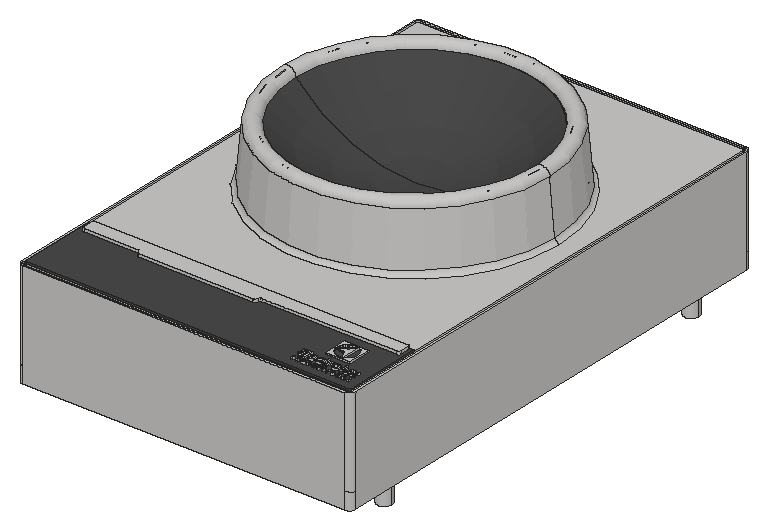
Revit family "QF_ELECTROLUXPROFESSIONAL_600885_E1HCDEOMCT", category Specialty Equipment, Revit 2018
Family settings
  Round Connector Dimension = Use Diameter
  Part Type = Normal
  Work Plane-Based = No
  Always vertical = Yes
  Cut with Voids When Loaded = No
  Shared = No
  Room Calculation Point = No
Parameters (values of type "Standard")
  Watts = 0 W
  Volts = 380 V
  URL = "http://professional.electrolux.com"
  Steam Supply Size = 0 mm
  Steam Supply Minimum Pressure = 0.0 Pa
  Steam Supply Maximum Pressure = 0.0 Pa
  Steam Pounds per Hour = 0
  Show Logo [instance] = yes
  Manufacturer = "Electrolux Professional"
  Phase = 3
  Model = "E1HCDEOMCT"
  Item Number = "600885"
  Hot Water Size = 0 mm
  HP = "6.7 HP"
  Gas Size = 0 mm
  Gas KW = 0
  Direct Waste Size = 0 mm
  Description = "PLUG-IN INDUCTION WOK - 3-PHASE"
  Cycle = 60 Hz
  Condensate Return Size = 0 mm
  Compressed Air Volume = 0.0 L/s
  Compressed Air Size = 0 mm
  Compressed Air Pressure = 0.0 Pa
  Cold Water Size = 0 mm
Values of the unnamed type that differ from the named types
  Volts = 0 V
  Item Number = ""
  Cycle = 0 Hz
Reference planes
  plane 1 "Centro (Fronte/Retro)": y = 74.737
  plane 2: z = 0
  plane 3: x = -514.269
  plane 4 "LEFT": x = -714.269
  plane 5 "RIGHT": x = -314.269
  plane 6 "BACK": y = 374.737
  plane 7 "FRONT": y = -225.263
  plane 8: x = -712.269
  plane 9: y = 372.737
  plane 10: x = -316.269
  plane 11: y = -223.263
  plane 12: y = -124.263
  plane 13: x = -698.269
  plane 14: x = -330.269
  plane 15: y = 304.737
  plane 16: y = -155.263
  plane 17: x = -539.269
  plane 18: y = -149.263
  plane 19: z = 978
  plane 20 "wok": y = 120.237
  plane 21: z = 764
Forms (mm)
  Extrusion 1, solid, material "QF_Finishes_Stainless Steel"
    sketch origin (0, 0, 789.018) x (1, 0, 0) y (0, 1, 0)
      loop
        arc (-707.269, 374.737) -> (-712.218, 372.687) -> (-714.269, 367.737) r 7
        line (-714.269, 367.737) -> (-714.269, -218.263)
        arc (-714.269, -218.263) -> (-712.218, -223.213) -> (-707.269, -225.263) r 7
        line (-707.269, -225.263) -> (-321.269, -225.263)
        arc (-321.269, -225.263) -> (-316.319, -223.213) -> (-314.269, -218.263) r 7
        line (-314.269, -218.263) -> (-314.269, 367.737)
        arc (-314.269, 367.737) -> (-316.319, 372.687) -> (-321.269, 374.737) r 7
        line (-321.269, 374.737) -> (-707.269, 374.737)
    from 0 to 20
  Extrusion 2, solid, material "QF_Finishes_Stainless Steel"
    sketch origin (0, 0, 789.018) x (1, 0, 0) y (0, 1, 0)
      loop
        line (-321.269, 374.737) -> (-707.269, 374.737)
        arc (-707.269, 374.737) -> (-712.218, 372.687) -> (-714.269, 367.737) r 7
        line (-714.269, 367.737) -> (-714.269, -218.263)
        arc (-714.269, -218.263) -> (-712.218, -223.213) -> (-707.269, -225.263) r 7
        line (-707.269, -225.263) -> (-321.269, -225.263)
        arc (-321.269, -225.263) -> (-316.319, -223.213) -> (-314.269, -218.263) r 7
        line (-314.269, -218.263) -> (-314.269, 367.737)
        arc (-314.269, 367.737) -> (-316.319, 372.687) -> (-321.269, 374.737) r 7
      loop
        arc (-707.269, 372.737) -> (-710.804, 371.273) -> (-712.269, 367.737) r 5
        line (-712.269, 367.737) -> (-712.269, -218.263)
        arc (-712.269, -218.263) -> (-710.804, -221.798) -> (-707.269, -223.263) r 5
        line (-707.269, -223.263) -> (-321.269, -223.263)
        arc (-321.269, -223.263) -> (-317.733, -221.798) -> (-316.269, -218.263) r 5
        line (-316.269, -218.263) -> (-316.269, 367.737)
        arc (-316.269, 367.737) -> (-317.733, 371.273) -> (-321.269, 372.737) r 5
        line (-321.269, 372.737) -> (-707.269, 372.737)
    from 20 to 126
  Extrusion 3, solid, material "QF_Finishes_Black"
    sketch origin (0, 0, 915.018) x (-1, 0, 0) y (0, -1, 0)
      loop
        line (709.269, 124.263) -> (709.269, 218.263)
        arc (709.269, 218.263) -> (708.683, 219.677) -> (707.269, 220.263) r 2
        line (707.269, 220.263) -> (321.269, 220.263)
        arc (321.269, 220.263) -> (319.854, 219.677) -> (319.269, 218.263) r 2
        line (319.269, 218.263) -> (319.269, 124.263) -> (709.269, 124.263)
    from 0 to 2
  Extrusion 4, solid, material "QF_Finishes_Stainless Steel"
    sketch origin (0, 0, 915.018) x (-1, 0, 0) y (0, -1, 0)
      loop
        arc (701.269, 124.263) -> (703.39, 125.142) -> (704.269, 127.263) r 3
        line (704.269, 127.263) -> (704.269, 137.763)
        arc (704.269, 137.763) -> (703.39, 139.884) -> (701.269, 140.763) r 3
        line (701.269, 140.763) -> (637.269, 140.763)
        arc (637.269, 140.763) -> (635.147, 141.642) -> (634.269, 143.763) r 3
        arc (634.269, 143.763) -> (633.39, 145.884) -> (631.269, 146.763) r 3
        line (631.269, 146.763) -> (494.269, 146.763)
        arc (494.269, 146.763) -> (492.147, 145.884) -> (491.269, 143.763) r 3
        arc (491.269, 143.763) -> (490.39, 141.642) -> (488.269, 140.763) r 3
        line (488.269, 140.763) -> (327.269, 140.763)
        arc (327.269, 140.763) -> (325.147, 139.884) -> (324.269, 137.763) r 3
        line (324.269, 137.763) -> (324.269, 127.263)
        arc (324.269, 127.263) -> (325.147, 125.142) -> (327.269, 124.263) r 3
        line (327.269, 124.263) -> (701.269, 124.263)
    from 2 to 5
  Extrusion 5, solid, material "QF_Finishes_Stainless Steel"
    sketch origin (0, 0, 141.018) x (-1, 0, 0) y (0, -1, 0)
      loop
        circle (698.269, -304.737) r 9
      loop
        circle (330.269, -304.737) r 9
      loop
        circle (698.269, 155.263) r 9
      loop
        circle (330.269, 155.263) r 9
    from 622.982 to 648
  Extrusion 6, solid, material "QF_Finishes_Stainless Steel"
    sketch origin (0, 0, 141.018) x (-1, 0, 0) y (0, -1, 0)
      loop
        circle (539.269, 149.263) r 10
    from 638.028 to 648
  Extrusion 7, solid, material "QF_Finishes_Stainless Steel"
    sketch origin (0, 96, 913.018) x (-1, 0, 0) y (0, -1, 0)
      loop
        arc (707.269, -273.737) -> (708.683, -273.151) -> (709.269, -271.737) r 2
        line (709.269, -271.737) -> (709.269, 220.263) -> (319.269, 220.263) -> (319.269, -271.737)
        arc (319.269, -271.737) -> (319.854, -273.151) -> (321.269, -273.737) r 2
        line (321.269, -273.737) -> (707.269, -273.737)
    from 0 to 2
  Revolve 8, solid, material "QF_Finishes_Stainless Steel"
    sketch origin (0, 120.237, 15.018) x (-1, 0, 0) y (0, 0, 1)
      loop
        arc (349.07, 900) -> (350.454, 902.553) -> (351.23, 905.352) r 12.856
        line (351.23, 905.352) -> (357.255, 968.615)
        arc (357.255, 968.615) -> (361.677, 972.996) -> (366.45, 969) r 4.622
        line (366.45, 969) -> (371.472, 969)
        arc (371.472, 969) -> (361.87, 978) -> (352.269, 969) r 9.622
        line (352.269, 969) -> (346.269, 906)
        arc (346.269, 906) -> (344.567, 902.335) -> (341.269, 900) r 7.856
        line (341.269, 900) -> (349.07, 900)
      axis (514.269, 900) -> (514.269, 969)
    angle from 0 to 360
  Revolve 9, solid, material "QF_Finishes_Black"
    sketch origin (0, 120.237, 15.018) x (-1, 0, 0) y (0, 0, 1)
      loop
        line (371.472, 969) -> (366.45, 969)
        arc (366.45, 969) -> (432.848, 918.929) -> (514.269, 902) r 190.056
        line (514.269, 902) -> (514.269, 906)
        arc (514.269, 906) -> (436.232, 922.453) -> (371.472, 969) r 193.372
      axis (514.269, 969) -> (514.269, 902)
    angle from 0 to 360
Cuts and joins
  joined: Extrusion 1, Extrusion 2
Lines and regions (mm)
  symbolic lines
    curve 1: line (-321.269, 374.737, 126) -> (-707.269, 374.737, 126)
    curve 2: arc (-707.269, 374.737, 126) -> (-712.218, 372.687, 126) -> (-714.269, 367.737, 126) r 7
    curve 3: line (-714.269, 367.737, 126) -> (-714.269, -218.263, 126)
    curve 4: arc (-714.269, -218.263, 126) -> (-712.218, -223.213, 126) -> (-707.269, -225.263, 126) r 7
    curve 5: line (-707.269, -225.263, 126) -> (-321.269, -225.263, 126)
    curve 6: arc (-321.269, -225.263, 126) -> (-316.319, -223.213, 126) -> (-314.269, -218.263, 126) r 7
    curve 7: line (-314.269, -218.263, 126) -> (-314.269, 367.737, 126)
    curve 8: arc (-314.269, 367.737, 126) -> (-316.319, 372.687, 126) -> (-321.269, 374.737, 126) r 7
    curve 9: line (-707.269, 372.737, 126) -> (-321.269, 372.737, 126)
    curve 10: arc (-321.269, 372.737, 126) -> (-317.733, 371.273, 126) -> (-316.269, 367.737, 126) r 5
    curve 11: line (-316.269, 367.737, 126) -> (-316.269, -218.263, 126)
    curve 12: arc (-316.269, -218.263, 126) -> (-317.733, -221.798, 126) -> (-321.269, -223.263, 126) r 5
    curve 13: line (-321.269, -223.263, 126) -> (-707.269, -223.263, 126)
    curve 14: arc (-707.269, -223.263, 126) -> (-710.804, -221.798, 126) -> (-712.269, -218.263, 126) r 5
    curve 15: line (-712.269, -218.263, 126) -> (-712.269, 367.737, 126)
    curve 16: arc (-712.269, 367.737, 126) -> (-710.804, 371.273, 126) -> (-707.269, 372.737, 126) r 5
    curve 17: line (-631.269, -146.763, 126) -> (-397.269, -146.763, 126)
    curve 18: arc (-397.269, -146.763, 126) -> (-395.147, -145.884, 126) -> (-394.269, -143.763, 126) r 3
    curve 19: arc (-394.269, -143.763, 126) -> (-393.39, -141.642, 126) -> (-391.269, -140.763, 126) r 3
    curve 20: line (-391.269, -140.763, 126) -> (-327.269, -140.763, 126)
    curve 21: arc (-327.269, -140.763, 126) -> (-325.147, -139.884, 126) -> (-324.269, -137.763, 126) r 3
    curve 22: line (-324.269, -137.763, 126) -> (-324.269, -127.263, 126)
    curve 23: arc (-324.269, -127.263, 126) -> (-325.147, -125.142, 126) -> (-327.269, -124.263, 126) r 3
    curve 24: line (-319.269, -124.263, 126) -> (-709.269, -124.263, 126)
    curve 25: arc (-701.269, -124.263, 126) -> (-703.39, -125.142, 126) -> (-704.269, -127.263, 126) r 3
    curve 26: line (-704.269, -127.263, 126) -> (-704.269, -137.763, 126)
    curve 27: arc (-704.269, -137.763, 126) -> (-703.39, -139.884, 126) -> (-701.269, -140.763, 126) r 3
    curve 28: line (-701.269, -140.763, 126) -> (-637.269, -140.763, 126)
    curve 29: arc (-637.269, -140.763, 126) -> (-635.147, -141.642, 126) -> (-634.269, -143.763, 126) r 3
    curve 30: arc (-634.269, -143.763, 126) -> (-633.39, -145.884, 126) -> (-631.269, -146.763, 126) r 3
    curve 31: line (-319.269, -218.263, 126) -> (-319.269, 367.737, 126)
    curve 32: arc (-319.269, 367.737, 126) -> (-319.854, 369.151, 126) -> (-321.269, 369.737, 126) r 2
    curve 33: line (-321.269, 369.737, 126) -> (-707.269, 369.737, 126)
    curve 34: arc (-707.269, 369.737, 126) -> (-708.683, 369.151, 126) -> (-709.269, 367.737, 126) r 2
    curve 35: line (-709.269, 367.737, 126) -> (-709.269, -218.263, 126)
    curve 36: arc (-709.269, -218.263, 126) -> (-708.683, -219.677, 126) -> (-707.269, -220.263, 126) r 2
    curve 37: line (-707.269, -220.263, 126) -> (-321.269, -220.263, 126)
    curve 38: arc (-321.269, -220.263, 126) -> (-319.854, -219.677, 126) -> (-319.269, -218.263, 126) r 2
    curve 39: line (-378.626, -153.452, 126) -> (-378.626, -182.168, 126)
    curve 40: line (-378.626, -182.168, 126) -> (-349.912, -182.168, 126)
    curve 41: line (-349.912, -182.168, 126) -> (-349.912, -153.452, 126)
    curve 42: line (-349.912, -153.452, 126) -> (-378.626, -153.452, 126)
    curve 43: line (-375.841, -162.424, 126) -> (-375.07, -161.023, 126)
    curve 44: line (-375.07, -161.023, 126) -> (-374.141, -159.732, 126)
    curve 45: line (-374.141, -159.732, 126) -> (-373.065, -158.564, 126)
    curve 46: line (-373.065, -158.564, 126) -> (-371.856, -157.535, 126)
    curve 47: line (-371.856, -157.535, 126) -> (-370.527, -156.661, 126)
    curve 48: line (-370.527, -156.661, 126) -> (-369.091, -155.954, 126)
    curve 49: line (-369.091, -155.954, 126) -> (-367.562, -155.431, 126)
    curve 50: line (-367.562, -155.431, 126) -> (-365.952, -155.107, 126)
    curve 51: arc (-365.952, -155.107, 126) -> (-363.752, -155.007, 126) -> (-361.567, -155.279, 126) r 13.008
    curve 52: arc (-361.567, -155.279, 126) -> (-361.815, -157.647, 126) -> (-362.651, -159.876, 126) r 9.395
    curve 53: line (-362.651, -159.876, 126) -> (-363.438, -161.245, 126)
    curve 54: line (-363.438, -161.245, 126) -> (-364.403, -162.507, 126)
    curve 55: line (-364.403, -162.507, 126) -> (-365.524, -163.648, 126)
    curve 56: line (-365.524, -163.648, 126) -> (-366.781, -164.654, 126)
    curve 57: line (-366.781, -164.654, 126) -> (-368.151, -165.509, 126)
    curve 58: line (-368.151, -165.509, 126) -> (-369.615, -166.2, 126)
    curve 59: line (-369.615, -166.2, 126) -> (-371.15, -166.712, 126)
    curve 60: line (-371.15, -166.712, 126) -> (-372.736, -167.029, 126)
    curve 61: line (-372.736, -167.029, 126) -> (-374.352, -167.138, 126)
    curve 62: line (-374.352, -167.138, 126) -> (-377.067, -167.138, 126)
    curve 63: line (-377.067, -167.138, 126) -> (-376.852, -165.495, 126)
    curve 64: line (-376.852, -165.495, 126) -> (-376.439, -163.92, 126)
    curve 65: line (-376.439, -163.92, 126) -> (-375.841, -162.424, 126)
    curve 66: line (-360.221, -179.969, 126) -> (-360.221, -155.646, 126)
    curve 67: line (-360.221, -155.646, 126) -> (-358.743, -156.237, 126)
    curve 68: line (-358.743, -156.237, 126) -> (-357.363, -157.003, 126)
    curve 69: line (-357.363, -157.003, 126) -> (-356.095, -157.931, 126)
    curve 70: line (-356.095, -157.931, 126) -> (-354.951, -159.007, 126)
    curve 71: line (-354.951, -159.007, 126) -> (-353.945, -160.217, 126)
    curve 72: line (-353.945, -160.217, 126) -> (-353.092, -161.548, 126)
    curve 73: line (-353.092, -161.548, 126) -> (-352.403, -162.986, 126)
    curve 74: line (-352.403, -162.986, 126) -> (-351.894, -164.517, 126)
    curve 75: line (-351.894, -164.517, 126) -> (-351.576, -166.128, 126)
    curve 76: line (-351.576, -166.128, 126) -> (-351.464, -167.804, 126)
    curve 77: line (-351.464, -167.804, 126) -> (-351.567, -169.456, 126)
    curve 78: line (-351.567, -169.456, 126) -> (-351.873, -171.047, 126)
    curve 79: line (-351.873, -171.047, 126) -> (-352.372, -172.563, 126)
    curve 80: line (-352.372, -172.563, 126) -> (-353.05, -173.992, 126)
    curve 81: line (-353.05, -173.992, 126) -> (-353.897, -175.319, 126)
    curve 82: line (-353.897, -175.319, 126) -> (-354.899, -176.532, 126)
    curve 83: line (-354.899, -176.532, 126) -> (-356.044, -177.617, 126)
    curve 84: line (-356.044, -177.617, 126) -> (-357.321, -178.56, 126)
    curve 85: line (-357.321, -178.56, 126) -> (-358.718, -179.349, 126)
    curve 86: line (-358.718, -179.349, 126) -> (-360.221, -179.969, 126)
    curve 87: line (-369.613, -169.43, 126) -> (-368.15, -170.12, 126)
    curve 88: line (-368.15, -170.12, 126) -> (-366.78, -170.975, 126)
    curve 89: line (-366.78, -170.975, 126) -> (-365.524, -171.98, 126)
    curve 90: line (-365.524, -171.98, 126) -> (-364.403, -173.12, 126)
    curve 91: line (-364.403, -173.12, 126) -> (-363.439, -174.381, 126)
    curve 92: line (-363.439, -174.381, 126) -> (-362.652, -175.748, 126)
    curve 93: arc (-362.652, -175.748, 126) -> (-361.85, -177.982, 126) -> (-361.568, -180.34, 126) r 10.532
    curve 94: arc (-361.568, -180.34, 126) -> (-362.906, -180.548, 126) -> (-364.258, -180.63, 126) r 14.39
    curve 95: line (-364.258, -180.63, 126) -> (-365.828, -180.532, 126)
    curve 96: line (-365.828, -180.532, 126) -> (-367.331, -180.252, 126)
    curve 97: line (-367.331, -180.252, 126) -> (-368.77, -179.801, 126)
    curve 98: line (-368.77, -179.801, 126) -> (-370.134, -179.191, 126)
    curve 99: line (-370.134, -179.191, 126) -> (-371.411, -178.434, 126)
    curve 100: line (-371.411, -178.434, 126) -> (-372.589, -177.541, 126)
    curve 101: line (-372.589, -177.541, 126) -> (-373.656, -176.525, 126)
    curve 102: line (-373.656, -176.525, 126) -> (-374.6, -175.397, 126)
    curve 103: line (-374.6, -175.397, 126) -> (-375.41, -174.168, 126)
    curve 104: line (-375.41, -174.168, 126) -> (-376.073, -172.852, 126)
    curve 105: line (-376.073, -172.852, 126) -> (-376.579, -171.46, 126)
    curve 106: line (-376.579, -171.46, 126) -> (-376.915, -170.003, 126)
    curve 107: line (-376.915, -170.003, 126) -> (-377.069, -168.493, 126)
    curve 108: line (-377.069, -168.493, 126) -> (-374.35, -168.493, 126)
    curve 109: line (-374.35, -168.493, 126) -> (-372.734, -168.602, 126)
    curve 110: line (-372.734, -168.602, 126) -> (-371.148, -168.919, 126)
    curve 111: line (-371.148, -168.919, 126) -> (-369.613, -169.43, 126)
    curve 112: arc (-399.495, -197.154, 126) -> (-398.466, -199.638, 126) -> (-395.982, -200.667, 126) r 3.513
    curve 113: line (-395.982, -200.667, 126) -> (-392.408, -200.667, 126)
    curve 114: line (-392.408, -200.667, 126) -> (-392.408, -198.85, 126)
    curve 115: line (-392.408, -198.85, 126) -> (-395.966, -198.85, 126)
    curve 116: arc (-395.966, -198.85, 126) -> (-397.094, -198.382, 126) -> (-397.562, -197.254, 126) r 1.596
    curve 117: line (-397.562, -197.254, 126) -> (-397.562, -195.74, 126)
    curve 118: line (-397.562, -195.74, 126) -> (-392.843, -195.74, 126)
    curve 119: line (-392.843, -195.74, 126) -> (-392.843, -193.917, 126)
    curve 120: line (-392.843, -193.917, 126) -> (-397.563, -193.917, 126)
    curve 121: line (-397.563, -193.917, 126) -> (-397.563, -191.264, 126)
    curve 122: line (-397.563, -191.264, 126) -> (-392.542, -191.264, 126)
    curve 123: line (-392.542, -191.264, 126) -> (-392.542, -189.445, 126)
    curve 124: line (-392.542, -189.445, 126) -> (-399.495, -189.445, 126)
    curve 125: line (-399.495, -189.445, 126) -> (-399.495, -193.353, 126)
    curve 126: line (-399.495, -193.353, 126) -> (-399.495, -197.154, 126)
    curve 127: line (-389.101, -189.455, 126) -> (-391.035, -189.455, 126)
    curve 128: line (-391.035, -189.455, 126) -> (-391.035, -194.76, 126)
    curve 129: line (-391.035, -194.76, 126) -> (-391.035, -200.681, 126)
    curve 130: line (-391.035, -200.681, 126) -> (-389.101, -200.681, 126)
    curve 131: line (-389.101, -200.681, 126) -> (-389.101, -194.721, 126)
    curve 132: line (-389.101, -194.721, 126) -> (-389.101, -189.455, 126)
    curve 133: arc (-380.394, -193.787, 126) -> (-383.654, -192.313, 126) -> (-386.913, -193.787, 126) r 4.34
    curve 134: arc (-386.913, -193.787, 126) -> (-387.819, -196.606, 126) -> (-386.913, -199.425, 126) r 4.838
    curve 135: arc (-386.913, -199.425, 126) -> (-383.498, -200.88, 126) -> (-380.082, -199.425, 126) r 4.737
    curve 136: line (-380.082, -199.425, 126) -> (-381.246, -198.293, 126)
    curve 137: arc (-381.246, -198.293, 126) -> (-383.382, -199.237, 126) -> (-385.517, -198.293, 126) r 2.888
    curve 138: arc (-385.517, -198.293, 126) -> (-385.841, -197.736, 126) -> (-385.905, -197.095, 126) r 1.527
    curve 139: line (-385.905, -197.095, 126) -> (-379.564, -197.095, 126)
    curve 140: arc (-379.564, -197.095, 126) -> (-379.672, -195.364, 126) -> (-380.394, -193.787, 126) r 4.757
    curve 141: line (-381.505, -195.736, 126) -> (-385.858, -195.736, 126)
    curve 142: arc (-385.858, -195.736, 126) -> (-385.043, -194.411, 126) -> (-383.56, -193.941, 126) r 2.23
    curve 143: arc (-383.56, -193.941, 126) -> (-382.221, -194.482, 126) -> (-381.505, -195.736, 126) r 2.201
    curve 144: arc (-372.029, -198.26, 126) -> (-376.639, -196.593, 126) -> (-372.029, -194.927, 126) r 2.606
    curve 145: line (-372.029, -194.927, 126) -> (-370.832, -193.681, 126)
    curve 146: arc (-370.832, -193.681, 126) -> (-378.564, -196.594, 126) -> (-370.832, -199.507, 126) r 4.415
    curve 147: line (-370.832, -199.507, 126) -> (-372.029, -198.26, 126)
    curve 148: line (-369.629, -193.481, 126) -> (-369.629, -197.299, 126)
    curve 149: arc (-369.629, -197.299, 126) -> (-368.592, -199.893, 126) -> (-365.911, -200.681, 126) r 3.196
    curve 150: line (-365.911, -200.681, 126) -> (-365.904, -198.864, 126)
    curve 151: arc (-365.904, -198.864, 126) -> (-367.239, -198.457, 126) -> (-367.699, -197.14, 126) r 1.542
    curve 152: line (-367.699, -197.14, 126) -> (-367.699, -194.319, 126)
    curve 153: line (-367.699, -194.319, 126) -> (-365.94, -194.319, 126)
    curve 154: line (-365.94, -194.319, 126) -> (-365.94, -192.562, 126)
    curve 155: line (-365.94, -192.562, 126) -> (-367.696, -192.562, 126)
    curve 156: line (-367.696, -192.562, 126) -> (-367.696, -189.455, 126)
    curve 157: line (-367.696, -189.455, 126) -> (-369.629, -189.455, 126)
    curve 158: line (-369.629, -189.455, 126) -> (-369.629, -193.481, 126)
    curve 159: arc (-359.402, -192.451, 126) -> (-361.13, -192.587, 126) -> (-362.397, -193.771, 126) r 2.627
    curve 160: line (-362.397, -193.771, 126) -> (-362.397, -192.563, 126)
    curve 161: line (-362.397, -192.563, 126) -> (-364.315, -192.563, 126)
    curve 162: line (-364.315, -192.563, 126) -> (-364.315, -196.541, 126)
    curve 163: line (-364.315, -196.541, 126) -> (-364.315, -200.681, 126)
    curve 164: line (-364.315, -200.681, 126) -> (-362.397, -200.681, 126)
    curve 165: line (-362.397, -200.681, 126) -> (-362.397, -196.412, 126)
    curve 166: arc (-362.397, -196.412, 126) -> (-361.445, -194.585, 126) -> (-359.402, -194.319, 126) r 2.229
    curve 167: line (-359.402, -194.319, 126) -> (-359.402, -192.451, 126)
    curve 168: arc (-350.248, -196.625, 126) -> (-354.668, -192.205, 126) -> (-359.088, -196.625, 126) r 4.42
    curve 169: arc (-359.088, -196.625, 126) -> (-354.668, -201.046, 126) -> (-350.248, -196.625, 126) r 4.42
    curve 170: arc (-357.176, -196.625, 126) -> (-354.668, -194.117, 126) -> (-352.16, -196.625, 126) r 2.508
    curve 171: arc (-352.16, -196.625, 126) -> (-354.668, -199.134, 126) -> (-357.176, -196.625, 126) r 2.508
    curve 172: line (-347.124, -189.454, 126) -> (-349.058, -189.454, 126)
    curve 173: line (-349.058, -189.454, 126) -> (-349.058, -194.566, 126)
    curve 174: line (-349.058, -194.566, 126) -> (-349.058, -200.682, 126)
    curve 175: line (-349.058, -200.682, 126) -> (-347.124, -200.682, 126)
    curve 176: line (-347.124, -200.682, 126) -> (-347.124, -194.643, 126)
    curve 177: line (-347.124, -194.643, 126) -> (-347.124, -189.454, 126)
    curve 178: line (-343.697, -192.562, 126) -> (-345.646, -192.562, 126)
    curve 179: line (-345.646, -192.562, 126) -> (-345.646, -194.915, 126)
    curve 180: line (-345.646, -194.915, 126) -> (-345.646, -197.715, 126)
    curve 181: arc (-345.646, -197.715, 126) -> (-341.931, -201.044, 126) -> (-338.204, -197.728, 126) r 3.745
    curve 182: line (-338.204, -197.728, 126) -> (-338.204, -194.915, 126)
    curve 183: line (-338.204, -194.915, 126) -> (-338.204, -192.562, 126)
    curve 184: line (-338.204, -192.562, 126) -> (-340.152, -192.562, 126)
    curve 185: line (-340.152, -192.562, 126) -> (-340.152, -197.299, 126)
    curve 186: arc (-340.152, -197.299, 126) -> (-341.925, -199.071, 126) -> (-343.697, -197.299, 126) r 1.772
    curve 187: line (-343.697, -197.299, 126) -> (-343.697, -192.562, 126)
    curve 188: line (-334.237, -196.397, 126) -> (-335.916, -198.735, 126)
    curve 189: line (-335.916, -198.735, 126) -> (-337.313, -200.682, 126)
    curve 190: line (-337.313, -200.682, 126) -> (-335.235, -200.682, 126)
    curve 191: line (-335.235, -200.682, 126) -> (-333.174, -197.813, 126)
    curve 192: line (-333.174, -197.813, 126) -> (-331.112, -200.682, 126)
    curve 193: line (-331.112, -200.682, 126) -> (-329.034, -200.682, 126)
    curve 194: line (-329.034, -200.682, 126) -> (-330.891, -198.085, 126)
    curve 195: line (-330.891, -198.085, 126) -> (-332.11, -196.38, 126)
    curve 196: line (-332.11, -196.38, 126) -> (-330.601, -194.325, 126)
    curve 197: line (-330.601, -194.325, 126) -> (-329.308, -192.563, 126)
    curve 198: line (-329.308, -192.563, 126) -> (-331.418, -192.563, 126)
    curve 199: line (-331.418, -192.563, 126) -> (-333.174, -194.995, 126)
    curve 200: line (-333.174, -194.995, 126) -> (-334.946, -192.563, 126)
    curve 201: line (-334.946, -192.563, 126) -> (-337.039, -192.563, 126)
    curve 202: line (-337.039, -192.563, 126) -> (-335.839, -194.205, 126)
    curve 203: line (-335.839, -194.205, 126) -> (-334.237, -196.397, 126)
    curve 204: line (-399.467, -205.699, 126) -> (-399.467, -209.59, 126)
    curve 205: line (-399.467, -209.59, 126) -> (-398.667, -209.59, 126)
    curve 206: line (-398.667, -209.59, 126) -> (-398.667, -208.271, 126)
    curve 207: line (-398.667, -208.271, 126) -> (-397.697, -208.271, 126)
    curve 208: arc (-397.697, -208.271, 126) -> (-396.674, -206.863, 126) -> (-397.967, -205.699, 126) r 1.3
    curve 209: line (-397.967, -205.699, 126) -> (-399.467, -205.699, 126)
    curve 210: line (-398.667, -207.52, 126) -> (-398.667, -206.434, 126)
    curve 211: line (-398.667, -206.434, 126) -> (-397.861, -206.434, 126)
    curve 212: arc (-397.861, -206.434, 126) -> (-397.461, -206.977, 126) -> (-397.861, -207.52, 126) r 0.569
    curve 213: line (-397.861, -207.52, 126) -> (-398.667, -207.52, 126)
    curve 214: line (-393.389, -205.699, 126) -> (-393.389, -209.59, 126)
    curve 215: line (-393.389, -209.59, 126) -> (-392.589, -209.59, 126)
    curve 216: line (-392.589, -209.59, 126) -> (-392.589, -208.249, 126)
    curve 217: line (-392.589, -208.249, 126) -> (-391.763, -208.249, 126)
    curve 218: line (-391.763, -208.249, 126) -> (-390.957, -209.59, 126)
    curve 219: line (-390.957, -209.59, 126) -> (-390.05, -209.59, 126)
    curve 220: line (-390.05, -209.59, 126) -> (-391.058, -207.929, 126)
    curve 221: arc (-391.058, -207.929, 126) -> (-390.677, -206.531, 126) -> (-391.863, -205.699, 126) r 1.26
    curve 222: line (-391.863, -205.699, 126) -> (-393.389, -205.699, 126)
    curve 223: line (-392.589, -207.52, 126) -> (-392.589, -206.434, 126)
    curve 224: line (-392.589, -206.434, 126) -> (-391.782, -206.434, 126)
    curve 225: arc (-391.782, -206.434, 126) -> (-391.383, -206.977, 126) -> (-391.782, -207.52, 126) r 0.569
    curve 226: line (-391.782, -207.52, 126) -> (-392.589, -207.52, 126)
    curve 227: arc (-386.695, -207.668, 126) -> (-385.407, -206.38, 126) -> (-384.119, -207.668, 126) r 1.288
    curve 228: arc (-384.119, -207.668, 126) -> (-385.407, -208.956, 126) -> (-386.695, -207.668, 126) r 1.288
    curve 229: arc (-383.342, -207.668, 126) -> (-385.407, -205.603, 126) -> (-387.472, -207.668, 126) r 2.065
    curve 230: arc (-387.472, -207.668, 126) -> (-385.407, -209.733, 126) -> (-383.342, -207.668, 126) r 2.065
    curve 231: line (-379.969, -205.699, 126) -> (-379.969, -209.59, 126)
    curve 232: line (-379.969, -209.59, 126) -> (-379.169, -209.59, 126)
    curve 233: line (-379.169, -209.59, 126) -> (-379.169, -208.099, 126)
    curve 234: line (-379.169, -208.099, 126) -> (-377.704, -208.099, 126)
    curve 235: line (-377.704, -208.099, 126) -> (-377.704, -207.299, 126)
    curve 236: line (-377.704, -207.299, 126) -> (-379.169, -207.299, 126)
    curve 237: line (-379.169, -207.299, 126) -> (-379.169, -206.499, 126)
    curve 238: line (-379.169, -206.499, 126) -> (-377.564, -206.499, 126)
    curve 239: line (-377.564, -206.499, 126) -> (-377.564, -205.699, 126)
    curve 240: line (-377.564, -205.699, 126) -> (-379.969, -205.699, 126)
    curve 241: line (-374.264, -205.699, 126) -> (-374.264, -208.344, 126)
    curve 242: arc (-374.264, -208.344, 126) -> (-373.899, -209.225, 126) -> (-373.017, -209.59, 126) r 1.246
    curve 243: line (-373.017, -209.59, 126) -> (-371.761, -209.59, 126)
    curve 244: line (-371.761, -209.59, 126) -> (-371.761, -208.79, 126)
    curve 245: line (-371.761, -208.79, 126) -> (-372.922, -208.79, 126)
    curve 246: arc (-372.922, -208.79, 126) -> (-373.361, -208.576, 126) -> (-373.464, -208.099, 126) r 0.558
    curve 247: line (-373.464, -208.099, 126) -> (-371.907, -208.099, 126)
    curve 248: line (-371.907, -208.099, 126) -> (-371.907, -207.299, 126)
    curve 249: line (-371.907, -207.299, 126) -> (-373.464, -207.299, 126)
    curve 250: line (-373.464, -207.299, 126) -> (-373.464, -206.499, 126)
    curve 251: line (-373.464, -206.499, 126) -> (-371.799, -206.499, 126)
    curve 252: line (-371.799, -206.499, 126) -> (-371.799, -205.699, 126)
    curve 253: line (-371.799, -205.699, 126) -> (-374.264, -205.699, 126)
    curve 254: arc (-368.711, -208.718, 126) -> (-367.818, -209.538, 126) -> (-366.606, -209.568, 126) r 1.725
    curve 255: arc (-366.606, -209.568, 126) -> (-365.785, -208.793, 126) -> (-366.071, -207.702, 126) r 1.107
    curve 256: arc (-366.071, -207.702, 126) -> (-366.648, -207.348, 126) -> (-367.264, -207.067, 126) r 5.523
    curve 257: arc (-367.264, -207.067, 126) -> (-367.604, -206.55, 126) -> (-367.043, -206.293, 126) r 0.407
    curve 258: arc (-367.043, -206.293, 126) -> (-366.706, -206.498, 126) -> (-366.425, -206.775, 126) r 1.702
    curve 259: line (-366.425, -206.775, 126) -> (-365.74, -206.363, 126)
    curve 260: arc (-365.74, -206.363, 126) -> (-366.172, -205.902, 126) -> (-366.708, -205.566, 126) r 2.463
    curve 261: arc (-366.708, -205.566, 126) -> (-368.378, -206.347, 126) -> (-367.331, -207.864, 126) r 1.207
    curve 262: line (-367.331, -207.864, 126) -> (-366.868, -208.812, 126)
    curve 263: arc (-366.868, -208.812, 126) -> (-367.513, -208.798, 126) -> (-367.991, -208.367, 126) r 0.925
    curve 264: line (-367.991, -208.367, 126) -> (-368.711, -208.718, 126)
    curve 265: arc (-362.851, -208.718, 126) -> (-361.958, -209.538, 126) -> (-360.746, -209.568, 126) r 1.725
    curve 266: arc (-360.746, -209.568, 126) -> (-359.926, -208.793, 126) -> (-360.211, -207.702, 126) r 1.107
    curve 267: arc (-360.211, -207.702, 126) -> (-360.788, -207.348, 126) -> (-361.405, -207.067, 126) r 5.523
    curve 268: arc (-361.405, -207.067, 126) -> (-361.745, -206.55, 126) -> (-361.183, -206.293, 126) r 0.407
    curve 269: arc (-361.183, -206.293, 126) -> (-360.846, -206.498, 126) -> (-360.566, -206.775, 126) r 1.702
    curve 270: line (-360.566, -206.775, 126) -> (-359.88, -206.363, 126)
    curve 271: arc (-359.88, -206.363, 126) -> (-360.313, -205.902, 126) -> (-360.848, -205.566, 126) r 2.463
    curve 272: arc (-360.848, -205.566, 126) -> (-362.518, -206.347, 126) -> (-361.471, -207.864, 126) r 1.207
    curve 273: line (-361.471, -207.864, 126) -> (-361.009, -208.812, 126)
    curve 274: arc (-361.009, -208.812, 126) -> (-361.653, -208.798, 126) -> (-362.132, -208.367, 126) r 0.925
    curve 275: line (-362.132, -208.367, 126) -> (-362.851, -208.718, 126)
    curve 276: line (-356.591, -209.59, 126) -> (-355.791, -209.59, 126)
    curve 277: line (-355.791, -209.59, 126) -> (-355.791, -205.699, 126)
    curve 278: line (-355.791, -205.699, 126) -> (-356.591, -205.699, 126)
    curve 279: line (-356.591, -205.699, 126) -> (-356.591, -209.59, 126)
    curve 280: arc (-352.472, -207.668, 126) -> (-350.407, -209.733, 126) -> (-348.342, -207.668, 126) r 2.065
    curve 281: arc (-348.342, -207.668, 126) -> (-350.407, -205.603, 126) -> (-352.472, -207.668, 126) r 2.065
    curve 282: arc (-351.695, -207.668, 126) -> (-350.407, -206.38, 126) -> (-349.119, -207.668, 126) r 1.288
    curve 283: arc (-349.119, -207.668, 126) -> (-350.407, -208.956, 126) -> (-351.695, -207.668, 126) r 1.288
    curve 284: line (-345.051, -205.699, 126) -> (-345.051, -209.59, 126)
    curve 285: line (-345.051, -209.59, 126) -> (-344.221, -209.59, 126)
    curve 286: line (-344.221, -209.59, 126) -> (-344.221, -207.143, 126)
    curve 287: line (-344.221, -207.143, 126) -> (-342.441, -209.59, 126)
    curve 288: line (-342.441, -209.59, 126) -> (-341.641, -209.59, 126)
    curve 289: line (-341.641, -209.59, 126) -> (-341.641, -205.699, 126)
    curve 290: line (-341.641, -205.699, 126) -> (-342.471, -205.699, 126)
    curve 291: line (-342.471, -205.699, 126) -> (-342.471, -208.219, 126)
    curve 292: line (-342.471, -208.219, 126) -> (-344.251, -205.699, 126)
    curve 293: line (-344.251, -205.699, 126) -> (-345.051, -205.699, 126)
    curve 294: line (-336.895, -205.7, 126) -> (-338.488, -209.59, 126)
    curve 295: line (-338.488, -209.59, 126) -> (-337.629, -209.59, 126)
    curve 296: line (-337.629, -209.59, 126) -> (-337.25, -208.75, 126)
    curve 297: line (-337.25, -208.75, 126) -> (-335.811, -208.75, 126)
    curve 298: line (-335.811, -208.75, 126) -> (-335.432, -209.59, 126)
    curve 299: line (-335.432, -209.59, 126) -> (-334.574, -209.59, 126)
    curve 300: line (-334.574, -209.59, 126) -> (-336.095, -205.7, 126)
    curve 301: line (-336.095, -205.7, 126) -> (-336.895, -205.7, 126)
    curve 302: line (-336.947, -207.983, 126) -> (-336.529, -206.965, 126)
    curve 303: line (-336.529, -206.965, 126) -> (-336.131, -207.983, 126)
    curve 304: line (-336.131, -207.983, 126) -> (-336.947, -207.983, 126)
    curve 305: line (-331.398, -205.699, 126) -> (-331.398, -209.59, 126)
    curve 306: line (-331.398, -209.59, 126) -> (-329.102, -209.59, 126)
    curve 307: line (-329.102, -209.59, 126) -> (-329.102, -208.79, 126)
    curve 308: line (-329.102, -208.79, 126) -> (-330.599, -208.79, 126)
    curve 309: line (-330.599, -208.79, 126) -> (-330.599, -205.699, 126)
    curve 310: line (-330.599, -205.699, 126) -> (-331.398, -205.699, 126)
    curve 311: arc (-687.269, 120.237, 126) -> (-514.269, 293.237, 126) -> (-341.269, 120.237, 126) r 173
    curve 312: arc (-341.269, 120.237, 126) -> (-514.269, -52.763, 126) -> (-687.269, 120.237, 126) r 173
    curve 313: arc (-682.269, 120.237, 126) -> (-514.269, -47.763, 126) -> (-346.269, 120.237, 126) r 168
    curve 314: arc (-346.269, 120.237, 126) -> (-514.269, 288.237, 126) -> (-682.269, 120.237, 126) r 168
    curve 315: arc (-676.269, 120.237, 126) -> (-514.269, -41.763, 126) -> (-352.269, 120.237, 126) r 162
    curve 316: arc (-371.472, 120.237, 126) -> (-514.269, 263.034, 126) -> (-657.065, 120.237, 126) r 142.797
    curve 317: arc (-657.065, 120.237, 126) -> (-514.269, -22.56, 126) -> (-371.472, 120.237, 126) r 142.797
    curve 318: arc (-352.269, 120.237, 126) -> (-514.269, 282.237, 126) -> (-676.269, 120.237, 126) r 162
Dimensions and locks
  equal spacing: plane 4 "LEFT", plane 3, plane 5 "RIGHT"
  plane 4 "LEFT" to plane 5 "RIGHT" = 400 mm
  equal spacing: plane 6 "BACK", plane 1 "Centro (Fronte/Retro)", plane 7 "FRONT"
  plane 6 "BACK" to plane 7 "FRONT" = 600 mm
  locked: plane 4 "LEFT" to plane 13 at 16
  locked: plane 14 to plane 5 "RIGHT" at 16
  locked: plane 6 "BACK" to plane 15 at 70
  locked: plane 16 to plane 7 "FRONT" at 70
  locked: plane 17 to plane 5 "RIGHT" at 225
  locked: plane 18 to plane 7 "FRONT" at 76
  Extrusion 4 to Extrusion 5 = 156.018 mm
  plane 19 to Extrusion 5 = 214 mm
  plane 21 to level = 764 mm
  aligned and locked: level to plane 2
  aligned and locked: Extrusion 5 to cut or joined group of Extrusion 1, Extrusion 2
Automatic sketch dimensions
  Extrusion 1 sketch curve to plane 4 "LEFT" = 0 mm
  Extrusion 1 sketch curve to plane 7 "FRONT" = 0 mm
  Extrusion 1 sketch curve to plane 6 "BACK" = 0 mm
  Extrusion 1 sketch curve to plane 5 "RIGHT" = 0 mm
  plane 8 to Extrusion 1 sketch curve = 5 mm  (x2)
  Extrusion 1 sketch curve to plane 10 = 5 mm  (x2)
  Extrusion 2 sketch curve to Extrusion 2 sketch curve = 0 mm  (x8)
  Extrusion 2 sketch curve to plane 4 "LEFT" = 0 mm
  Extrusion 2 sketch curve to plane 8 = 0 mm
  Extrusion 2 sketch curve to plane 6 "BACK" = 0 mm
  Extrusion 2 sketch curve to plane 7 "FRONT" = 0 mm
  Extrusion 2 sketch curve to plane 10 = 0 mm
  Extrusion 2 sketch curve to Extrusion 2 sketch curve = 5 mm  (x2)
  Extrusion 2 sketch curve to plane 10 = 5 mm  (x2)
  Extrusion 3 sketch curve to plane 12 = 0 mm
  Extrusion 3 sketch curve to plane 10 = 3 mm
  Extrusion 3 sketch curve to Extrusion 3 sketch curve = 2 mm  (x2)
  plane 8 to Extrusion 3 sketch curve = 5 mm
  plane 11 to Extrusion 3 sketch curve = 5 mm
  Extrusion 4 sketch curve to plane 12 = 0 mm
  plane 14 to Extrusion 4 sketch curve = 6 mm
  plane 14 to Extrusion 4 sketch curve = 3 mm
  Extrusion 4 sketch curve to Extrusion 4 sketch curve = 3 mm  (x2)
  plane 16 to Extrusion 4 sketch curve = 11.5 mm
  plane 17 to Extrusion 4 sketch curve = 51 mm
  Extrusion 4 sketch curve to Extrusion 4 sketch curve = 6 mm  (x2)
  plane 16 to Extrusion 4 sketch curve = 8.5 mm
  plane 13 to Extrusion 4 sketch curve = 67 mm
  Extrusion 4 sketch curve to plane 13 = 3 mm  (x2)
  Extrusion 4 sketch curve to plane 12 = 3 mm
  Extrusion 4 sketch curve to Extrusion 4 sketch curve = 10.5 mm  (x2)
  Extrusion 5 sketch curve to plane 14 = 0 mm  (x2)
  Extrusion 5 sketch curve to plane 13 = 0 mm  (x2)
  Extrusion 5 sketch curve to plane 15 = 0 mm  (x2)
  Extrusion 5 sketch curve to plane 16 = 0 mm  (x2)
  Extrusion 6 sketch curve to plane 17 = 0 mm
  Extrusion 6 sketch curve to plane 18 = 0 mm
  curve 2 to curve 16 = 0 mm
  curve 2 to curve 34 = 0 mm
  curve 4 to curve 14 = 0 mm
  curve 4 to curve 36 = 0 mm  (x2)
  curve 6 to curve 12 = 0 mm  (x2)
  curve 6 to curve 38 = 0 mm
  curve 8 to curve 10 = 0 mm  (x2)
  curve 8 to curve 32 = 0 mm
  curve 10 to curve 32 = 0 mm
  curve 12 to curve 38 = 0 mm
  curve 14 to curve 36 = 0 mm
  curve 168 to curve 170 = 0 mm  (x2)
  curve 181 to curve 186 = 0 mm  (x2)
  curve 227 to curve 229 = 0 mm
  curve 228 to curve 230 = 0 mm
  curve 254 to curve 263 = 0 mm  (x2)
  curve 257 to curve 261 = 0 mm  (x2)
  curve 265 to curve 274 = 0 mm  (x2)
  curve 268 to curve 272 = 0 mm  (x2)
  curve 280 to curve 282 = 0 mm
  curve 281 to curve 283 = 0 mm
  curve 7 to plane 5 "RIGHT" = 0 mm
  curve 10 to plane 10 = 0 mm
  curve 24 to plane 12 = 0 mm
  curve 6 to plane 7 "FRONT" = 0 mm
  curve 8 to plane 6 "BACK" = 0 mm
  curve 15 to plane 8 = 0 mm
  curve 38 to curve 37 = 2 mm
  curve 32 to curve 33 = 2 mm
  plane 14 to curve 22 = 6 mm
  curve 21 to curve 21 = 3 mm
  curve 23 to curve 23 = 3 mm
  plane 14 to curve 193 = 1.234 mm
  plane 14 to curve 307 = 1.166 mm
  plane 14 to curve 198 = 0.961 mm
  curve 310 to plane 14 = 0.33 mm
  curve 196 to plane 14 = 0.332 mm
  curve 194 to plane 14 = 0.622 mm
  curve 192 to plane 14 = 0.844 mm
  curve 305 to plane 14 = 1.13 mm
  curve 198 to plane 14 = 1.149 mm
  curve 196 to plane 14 = 1.842 mm
  curve 195 to curve 199 = 1.064 mm
  curve 195 to curve 192 = 1.064 mm
  curve 199 to curve 188 = 1.063 mm
  curve 305 to curve 299 = 3.175 mm
  curve 199 to curve 200 = 1.772 mm
  curve 191 to curve 190 = 2.061 mm
  curve 299 to curve 298 = 0.859 mm
  curve 298 to curve 297 = 0.379 mm
  curve 200 to curve 202 = 0.893 mm
  curve 190 to curve 188 = 0.68 mm
  curve 297 to curve 301 = 0.284 mm
  curve 297 to curve 303 = 0.32 mm
  curve 303 to curve 302 = 0.398 mm
  curve 300 to curve 301 = 0.8 mm
  curve 303 to curve 302 = 0.815 mm
  curve 202 to curve 202 = 1.2 mm
  curve 302 to curve 296 = 0.304 mm
  curve 190 to curve 190 = 2.078 mm
  curve 296 to curve 295 = 0.379 mm
  curve 201 to curve 184 = 1.165 mm
  curve 295 to curve 295 = 0.859 mm
  curve 183 to curve 185 = 1.948 mm
  curve 294 to curve 289 = 3.153 mm
  curve 186 to curve 181 = 1.772 mm
  curve 288 to curve 287 = 0.8 mm
  curve 287 to curve 292 = 0.03 mm
  curve 291 to curve 286 = 1.749 mm
  curve 286 to curve 293 = 0.031 mm
  curve 285 to curve 284 = 0.831 mm
  curve 178 to curve 179 = 1.95 mm
  curve 180 to curve 176 = 1.478 mm
  curve 176 to curve 173 = 1.934 mm
  curve 172 to curve 41 = 0.854 mm
  curve 284 to curve 280 = 5.356 mm
  curve 41 to curve 76 = 1.553 mm
  curve 76 to curve 77 = 0.102 mm
  curve 76 to curve 75 = 0.112 mm
  curve 77 to curve 78 = 0.306 mm
  curve 74 to plane 16 = 9.254 mm
  curve 75 to curve 74 = 0.317 mm
  curve 78 to curve 80 = 0.499 mm
  curve 73 to plane 16 = 7.723 mm
  curve 74 to curve 73 = 0.51 mm
  curve 79 to curve 81 = 0.679 mm
  curve 73 to plane 16 = 6.285 mm
  curve 73 to curve 73 = 0.688 mm
  curve 80 to curve 81 = 0.846 mm
  curve 72 to plane 16 = 4.954 mm
  curve 72 to curve 72 = 0.854 mm
  curve 173 to curve 170 = 5.61 mm
  curve 81 to curve 83 = 1.002 mm
  curve 70 to plane 16 = 3.744 mm
  curve 71 to curve 70 = 1.005 mm
  curve 280 to curve 277 = 5.384 mm
  curve 82 to curve 84 = 1.146 mm
  curve 70 to plane 16 = 2.668 mm
  curve 70 to curve 70 = 1.144 mm
  curve 277 to curve 279 = 0.8 mm
  curve 83 to curve 84 = 1.277 mm
  curve 69 to plane 16 = 1.74 mm
  curve 69 to curve 69 = 1.269 mm
  curve 84 to curve 85 = 1.396 mm
  curve 68 to plane 16 = 0.974 mm
  curve 68 to curve 68 = 1.38 mm
  curve 168 to curve 167 = 4.734 mm
  curve 278 to curve 270 = 3.289 mm
  curve 166 to curve 159 = 0.669 mm
  curve 159 to curve 166 = 0.097 mm
  curve 67 to plane 16 = 0.383 mm
  curve 67 to curve 67 = 1.478 mm
  curve 271 to curve 270 = 0.686 mm
  curve 269 to curve 266 = 0.424 mm
  curve 266 to curve 273 = 0.019 mm
  curve 266 to curve 274 = 0.322 mm
  curve 269 to curve 268 = 0.787 mm
  plane 11 to curve 273 = 15.399 mm
  curve 265 to curve 273 = 0.159 mm
  curve 272 to curve 271 = 0.407 mm
  curve 271 to curve 269 = 0.016 mm
  plane 11 to curve 275 = 14.896 mm
  curve 269 to curve 275 = 0.238 mm
  curve 166 to curve 165 = 2.229 mm
  curve 159 to curve 161 = 2.995 mm
  curve 53 to plane 16 = 4.613 mm
  curve 66 to curve 53 = 2.43 mm
  curve 66 to curve 92 = 2.431 mm
  plane 11 to curve 275 = 14.545 mm
  curve 274 to curve 275 = 0.719 mm
  curve 275 to curve 267 = 0.53 mm
  curve 54 to plane 16 = 5.982 mm
  curve 53 to curve 54 = 0.787 mm
  curve 92 to curve 92 = 0.787 mm
  curve 66 to curve 95 = 4.037 mm
  curve 91 to curve 51 = 0.823 mm
  curve 160 to curve 161 = 1.918 mm
  curve 55 to plane 16 = 7.244 mm
  curve 53 to curve 55 = 0.965 mm
  curve 91 to curve 91 = 0.964 mm
  curve 51 to curve 94 = 0.187 mm
  curve 90 to plane 16 = 16.717 mm
  curve 90 to curve 90 = 1.121 mm
  curve 55 to plane 16 = 8.385 mm
  curve 54 to curve 55 = 1.121 mm
  curve 265 to curve 259 = 2.889 mm
  curve 94 to curve 95 = 1.57 mm
  curve 163 to curve 150 = 1.589 mm
  curve 163 to curve 150 = 1.596 mm
  curve 161 to curve 153 = 1.625 mm
  plane 16 to curve 50 = 0.156 mm
  curve 66 to curve 50 = 5.73 mm
  curve 150 to curve 151 = 0.266 mm
  curve 260 to curve 259 = 0.686 mm
  curve 151 to curve 149 = 0.271 mm
  curve 88 to plane 16 = 15.712 mm
  curve 89 to curve 88 = 1.256 mm
  curve 57 to plane 16 = 9.391 mm
  curve 55 to curve 57 = 1.256 mm
  curve 259 to curve 255 = 0.424 mm
  plane 11 to curve 262 = 14.451 mm
  curve 255 to curve 262 = 0.019 mm
  curve 255 to curve 263 = 0.322 mm
  curve 259 to curve 261 = 0.787 mm
  plane 11 to curve 262 = 15.399 mm
  curve 254 to curve 262 = 0.159 mm
  curve 95 to curve 97 = 1.503 mm
  curve 50 to plane 16 = 0.168 mm
  curve 51 to curve 50 = 1.61 mm
  curve 154 to curve 156 = 1.755 mm
  curve 155 to curve 153 = 0.003 mm
  curve 261 to curve 260 = 0.407 mm
  curve 260 to curve 258 = 0.016 mm
  plane 11 to curve 264 = 14.896 mm
  curve 258 to curve 264 = 0.238 mm
  curve 87 to plane 16 = 14.857 mm
  curve 88 to curve 87 = 1.37 mm
  curve 58 to plane 16 = 10.246 mm
  curve 56 to curve 58 = 1.37 mm
  plane 11 to curve 264 = 14.545 mm
  curve 263 to curve 264 = 0.719 mm
  curve 96 to curve 98 = 1.439 mm
  curve 49 to plane 16 = 0.691 mm
  curve 49 to curve 49 = 1.53 mm
  curve 264 to curve 256 = 0.53 mm
  curve 111 to plane 16 = 14.167 mm
  curve 87 to curve 111 = 1.463 mm
  curve 59 to plane 16 = 10.937 mm
  curve 57 to curve 59 = 1.464 mm
  curve 152 to curve 158 = 1.931 mm
  curve 97 to curve 98 = 1.364 mm
  curve 48 to plane 16 = 1.398 mm
  curve 48 to curve 48 = 1.436 mm
  curve 148 to curve 145 = 1.203 mm
  curve 149 to curve 147 = 1.203 mm
  curve 52 to plane 16 = 0.227 mm
  curve 47 to curve 52 = 0.433 mm
  curve 110 to plane 16 = 13.656 mm
  curve 87 to curve 110 = 1.535 mm
  curve 59 to plane 16 = 11.449 mm
  curve 58 to curve 59 = 1.535 mm
  curve 98 to curve 100 = 1.277 mm
  curve 264 to curve 243 = 3.05 mm
  curve 244 to curve 252 = 0.038 mm
  curve 47 to plane 16 = 2.272 mm
  curve 47 to curve 47 = 1.329 mm
  curve 251 to curve 248 = 0.108 mm
  curve 145 to curve 145 = 1.197 mm
  curve 147 to curve 147 = 1.197 mm
  curve 99 to curve 93 = 0.689 mm
  curve 99 to curve 100 = 1.178 mm
  curve 109 to plane 16 = 13.339 mm
  curve 110 to curve 109 = 1.586 mm
  curve 61 to plane 16 = 11.766 mm
  curve 109 to curve 61 = 0.002 mm
  curve 247 to curve 246 = 1.015 mm
  curve 246 to curve 243 = 0.095 mm
  curve 46 to plane 16 = 3.301 mm
  curve 46 to curve 46 = 1.209 mm
  curve 246 to curve 249 = 0.541 mm
  curve 242 to curve 247 = 0.446 mm
  curve 101 to plane 16 = 21.262 mm
  curve 100 to curve 101 = 1.067 mm
  curve 147 to curve 144 = 2.004 mm
  curve 45 to plane 16 = 4.469 mm
  curve 45 to curve 45 = 1.076 mm
  curve 144 to curve 146 = 0.116 mm
  curve 246 to curve 241 = 0.8 mm
  curve 109 to curve 108 = 1.616 mm
  curve 61 to plane 16 = 11.875 mm
  curve 108 to curve 61 = 0.002 mm
  curve 103 to plane 16 = 20.134 mm
  curve 101 to curve 103 = 0.944 mm
  curve 43 to plane 16 = 5.76 mm
  curve 44 to curve 43 = 0.93 mm
  curve 103 to plane 16 = 18.905 mm
  curve 102 to curve 103 = 0.81 mm
  curve 43 to plane 16 = 7.161 mm
  curve 43 to curve 43 = 0.771 mm
  curve 105 to plane 16 = 17.589 mm
  curve 103 to curve 105 = 0.664 mm
  curve 65 to plane 16 = 8.657 mm
  curve 43 to curve 65 = 0.598 mm
  curve 105 to plane 16 = 16.197 mm
  curve 104 to curve 105 = 0.506 mm
  curve 64 to plane 16 = 10.232 mm
  curve 64 to curve 64 = 0.413 mm
  curve 107 to plane 16 = 14.74 mm
  curve 105 to curve 107 = 0.336 mm
  curve 63 to curve 63 = 0.215 mm
  curve 107 to plane 16 = 13.23 mm
  curve 62 to curve 107 = 0.002 mm
  curve 241 to curve 240 = 3.3 mm
  curve 238 to curve 235 = 0.141 mm
  plane 16 to curve 42 = 1.811 mm
  curve 45 to curve 42 = 5.561 mm
  curve 235 to curve 236 = 1.464 mm
  curve 234 to curve 236 = 0 mm
  curve 146 to curve 139 = 5.415 mm
  curve 232 to curve 232 = 0.8 mm
  plane 11 to curve 136 = 23.838 mm
  curve 140 to curve 136 = 0.518 mm
  plane 11 to curve 136 = 24.97 mm
  curve 135 to curve 136 = 1.164 mm
  curve 139 to curve 141 = 1.941 mm
  curve 141 to curve 134 = 1.476 mm
  curve 134 to curve 137 = 0.401 mm
  curve 137 to curve 135 = 0.116 mm
  curve 137 to curve 133 = 0.272 mm
  curve 135 to curve 143 = 0.171 mm
  curve 143 to curve 142 = 0.001 mm
  curve 133 to curve 140 = 0.632 mm
  curve 140 to curve 138 = 0.102 mm
  curve 231 to curve 228 = 5.439 mm
  curve 140 to curve 141 = 1.572 mm
  curve 142 to curve 139 = 0.048 mm
  curve 141 to curve 132 = 3.244 mm
  curve 227 to curve 219 = 4.643 mm
  curve 219 to curve 219 = 0.907 mm
  curve 127 to curve 128 = 1.933 mm
  plane 11 to curve 220 = 15.334 mm
  curve 218 to curve 220 = 0.101 mm
  curve 39 to curve 20 = 12.643 mm
  plane 11 to curve 218 = 15.014 mm
  curve 220 to curve 218 = 0.705 mm
  curve 221 to curve 224 = 0.725 mm
  curve 217 to curve 226 = 0.02 mm
  curve 224 to curve 222 = 0.08 mm
  curve 221 to curve 225 = 0.089 mm
  curve 129 to curve 115 = 1.373 mm
  curve 127 to curve 122 = 1.507 mm
  curve 217 to curve 217 = 0.826 mm
  curve 223 to curve 216 = 0 mm
  curve 128 to curve 120 = 1.808 mm
  curve 223 to curve 222 = 0.8 mm
  curve 114 to curve 115 = 3.558 mm
  curve 116 to curve 113 = 0.017 mm
  curve 19 to curve 18 = 6 mm
  curve 112 to curve 117 = 1.58 mm
  curve 117 to curve 120 = 0.001 mm
  curve 214 to curve 207 = 4.308 mm
  curve 207 to curve 213 = 0.164 mm
  curve 211 to curve 213 = 0 mm
  curve 212 to curve 209 = 0.107 mm
  curve 208 to curve 212 = 0.063 mm
  curve 208 to curve 206 = 0.97 mm
  curve 212 to curve 210 = 0.806 mm
  curve 210 to curve 209 = 0.8 mm
  curve 121 to curve 124 = 1.932 mm
  plane 16 to curve 17 = 8.5 mm
  plane 13 to curve 17 = 67 mm
  curve 30 to curve 28 = 6 mm
  curve 28 to plane 13 = 3 mm
  curve 25 to plane 13 = 3 mm
  curve 27 to curve 26 = 3 mm
  curve 33 to curve 35 = 2 mm
  curve 4 to curve 35 = 2 mm
  curve 25 to curve 27 = 10.5 mm
  curve 23 to curve 21 = 10.5 mm
  curve 19 to curve 19 = 3 mm
  curve 30 to curve 17 = 3 mm
  curve 74 to curve 75 = 1.611 mm
  curve 55 to curve 94 = 2.593 mm
  curve 75 to curve 76 = 1.677 mm
  curve 94 to curve 51 = 1.764 mm
  curve 76 to curve 78 = 1.652 mm
  curve 77 to curve 79 = 1.591 mm
  curve 78 to curve 79 = 1.516 mm
  curve 89 to curve 90 = 1.14 mm
  curve 79 to curve 81 = 1.429 mm
  curve 90 to curve 91 = 1.261 mm
  curve 80 to curve 82 = 1.327 mm
  curve 91 to curve 92 = 1.367 mm
  curve 81 to curve 83 = 1.213 mm
  curve 101 to curve 100 = 1.016 mm
  curve 82 to curve 84 = 1.085 mm
  curve 100 to curve 99 = 0.893 mm
  curve 83 to curve 85 = 0.943 mm
  curve 99 to curve 98 = 0.757 mm
  curve 84 to curve 86 = 0.789 mm
  curve 98 to curve 97 = 0.61 mm
  curve 85 to curve 66 = 0.62 mm
  curve 97 to curve 97 = 0.451 mm
  curve 99 to curve 93 = 1.968 mm
  curve 96 to curve 95 = 0.28 mm
  curve 95 to curve 95 = 0.098 mm
  curve 93 to curve 40 = 1.766 mm
  curve 124 to curve 137 = 8.848 mm
  curve 40 to curve 177 = 7.286 mm
  curve 123 to curve 128 = 0.01 mm
  curve 95 to curve 156 = 8.924 mm
  curve 124 to curve 121 = 1.819 mm
  curve 156 to curve 167 = 2.995 mm
  curve 156 to curve 156 = 3.107 mm
  curve 172 to curve 178 = 3.108 mm
  curve 178 to curve 183 = 0 mm
  curve 183 to curve 198 = 0.001 mm
  curve 159 to curve 160 = 0.113 mm
  curve 183 to curve 200 = 0.001 mm
  curve 121 to curve 126 = 2.089 mm
  curve 155 to curve 148 = 0.918 mm
  curve 148 to curve 145 = 0.2 mm
  curve 160 to curve 160 = 1.208 mm
  curve 125 to curve 120 = 0.564 mm
  curve 200 to curve 202 = 1.642 mm
  curve 154 to curve 154 = 1.756 mm
  curve 167 to curve 159 = 0.672 mm
  curve 198 to curve 196 = 1.761 mm
  curve 178 to curve 174 = 2.004 mm
  curve 173 to curve 176 = 0.077 mm
  curve 119 to curve 131 = 0.804 mm
  curve 131 to curve 128 = 0.039 mm
  curve 183 to curve 182 = 2.353 mm
  curve 176 to curve 180 = 0.272 mm
  curve 145 to curve 145 = 1.246 mm
  curve 196 to curve 199 = 0.67 mm
  curve 131 to curve 141 = 1.016 mm
  curve 120 to curve 117 = 1.823 mm
  curve 143 to curve 143 = 0.403 mm
  curve 143 to curve 135 = 0.003 mm
  curve 143 to curve 142 = 0.029 mm
  curve 135 to curve 137 = 0.207 mm
  curve 199 to curve 196 = 1.386 mm
  curve 199 to curve 203 = 1.402 mm
  curve 142 to curve 140 = 0.353 mm
  curve 165 to curve 163 = 0.129 mm
  curve 145 to curve 144 = 1.667 mm
  curve 144 to curve 146 = 0 mm
  curve 137 to curve 134 = 0.257 mm
  curve 167 to curve 170 = 2.307 mm
  curve 137 to curve 133 = 0.304 mm
  curve 139 to curve 136 = 1.198 mm
  curve 152 to curve 152 = 2.821 mm
  curve 117 to curve 126 = 1.414 mm
  curve 117 to curve 117 = 1.514 mm
  curve 140 to curve 138 = 0.744 mm
  curve 182 to curve 185 = 2.384 mm
  curve 152 to curve 148 = 0.159 mm
  curve 151 to curve 151 = 0.205 mm
  curve 151 to curve 149 = 0.184 mm
  curve 186 to curve 180 = 0.416 mm
  curve 188 to curve 191 = 1.417 mm
  curve 195 to curve 194 = 1.705 mm
  curve 182 to curve 189 = 1.007 mm
  curve 113 to curve 129 = 0.014 mm
  curve 150 to curve 164 = 0 mm
  curve 169 to curve 174 = 4.056 mm
  curve 194 to curve 193 = 2.596 mm
  curve 188 to curve 190 = 1.947 mm
  curve 136 to curve 240 = 6.273 mm
  curve 278 to curve 272 = 2.166 mm
  curve 222 to curve 221 = 2.23 mm
  curve 175 to curve 284 = 5.017 mm
  curve 292 to curve 289 = 0 mm
  curve 239 to curve 253 = 0 mm
  curve 192 to curve 305 = 5.017 mm
  curve 204 to curve 214 = 0 mm
  curve 305 to curve 301 = 0.001 mm
  curve 259 to curve 254 = 1.576 mm
  curve 270 to curve 272 = 1.502 mm
  curve 223 to curve 221 = 0.525 mm
  curve 209 to curve 211 = 0.735 mm
  curve 239 to curve 238 = 0.8 mm
  curve 252 to curve 252 = 0.8 mm
  curve 272 to curve 272 = 1.202 mm
  curve 257 to curve 261 = 1.202 mm
  curve 268 to curve 270 = 0.112 mm
  curve 257 to curve 259 = 0.112 mm
  curve 294 to curve 303 = 1.265 mm
  curve 212 to curve 212 = 0.543 mm
  curve 221 to curve 225 = 0.018 mm
  curve 212 to curve 208 = 0.022 mm
  curve 292 to curve 286 = 1.444 mm
  curve 237 to curve 237 = 0.8 mm
  curve 250 to curve 250 = 0.8 mm
  curve 284 to curve 280 = 1.969 mm
  curve 227 to curve 221 = 0.261 mm
  curve 260 to curve 261 = 0.061 mm
  curve 271 to curve 272 = 0.061 mm
  curve 271 to curve 269 = 0.035 mm
  curve 260 to curve 258 = 0.035 mm
  curve 272 to curve 265 = 0.075 mm
  curve 302 to curve 303 = 1.018 mm
  curve 249 to curve 247 = 0.8 mm
  curve 235 to curve 235 = 0.8 mm
  curve 286 to curve 292 = 1.076 mm
  curve 246 to curve 246 = 0.134 mm
  curve 246 to curve 241 = 0.245 mm
  curve 266 to curve 274 = 0.324 mm
  curve 255 to curve 263 = 0.324 mm
  curve 302 to curve 296 = 0.767 mm
  curve 309 to curve 308 = 3.091 mm
  curve 307 to curve 306 = 0.8 mm
  curve 216 to curve 215 = 1.341 mm
  curve 278 to curve 276 = 3.891 mm
  curve 233 to curve 233 = 1.491 mm
  curve 220 to curve 220 = 1.661 mm
  curve 206 to curve 206 = 1.319 mm
  curve 297 to curve 300 = 0.84 mm
  curve 286 to curve 284 = 2.447 mm
  curve 291 to curve 287 = 1.371 mm
  curve 296 to curve 296 = 0.84 mm
  curve 264 to curve 256 = 3.506 mm
  curve 275 to curve 267 = 3.506 mm
  curve 24 to plane 10 = 3 mm
  curve 281 to curve 280 = 2.065 mm
  curve 280 to curve 283 = 0.776 mm
  curve 173 to curve 168 = 1.19 mm
  curve 168 to curve 170 = 1.912 mm
  curve 266 to curve 269 = 0.355 mm
  curve 265 to curve 273 = 0.263 mm
  curve 268 to curve 269 = 0 mm
  curve 255 to curve 259 = 0.355 mm
  curve 254 to curve 262 = 0.263 mm
  curve 257 to curve 258 = 0 mm
  curve 140 to curve 143 = 1.111 mm
  curve 229 to curve 227 = 2.065 mm
  curve 229 to curve 228 = 0.776 mm
  curve 141 to curve 134 = 1.055 mm
  Extrusion 7 sketch curve to plane 12 = 0 mm
  Extrusion 7 sketch curve to plane 10 = 3 mm
  Extrusion 7 sketch curve to Extrusion 7 sketch curve = 2 mm  (x2)
  plane 8 to Extrusion 7 sketch curve = 5 mm
  Extrusion 7 sketch curve to plane 9 = 5 mm
  Revolve 8 sketch curve to Revolve 8 sketch curve = 0 mm  (x6)
  Revolve 8 sketch curve to plane 3 = 0 mm
  plane 19 to Revolve 8 sketch curve = 5.396 mm
  Revolve 8 sketch curve to plane 14 = 31.602 mm
  plane 19 to Revolve 8 sketch curve = 5.633 mm
  Revolve 8 sketch curve to Revolve 8 sketch curve = 4.616 mm
  plane 19 to Revolve 8 sketch curve = 6.018 mm
  Revolve 8 sketch curve to Revolve 8 sketch curve = 4.58 mm
  Revolve 8 sketch curve to Revolve 8 sketch curve = 4.961 mm
  Revolve 8 sketch curve to Revolve 8 sketch curve = 7.801 mm
  plane 19 to Revolve 8 sketch curve = 617.018 mm
  Revolve 8 sketch curve to Revolve 8 sketch curve = 4.986 mm
  Revolve 8 sketch curve to plane 14 = 20.961 mm
  Revolve 8 sketch curve to Revolve 8 sketch curve = 2.16 mm
  Revolve 9 sketch curve to plane 3 = 0 mm  (x2)
  plane 3 to Revolve 9 sketch curve = 2.959 mm
  Revolve 9 sketch curve to plane 3 = 0.017 mm
  Revolve 9 sketch curve to Revolve 9 sketch curve = 4 mm
  Revolve 9 sketch curve to Revolve 9 sketch curve = 7.339 mm
  plane 19 to Revolve 9 sketch curve = 6.018 mm
  Revolve 9 sketch curve to Revolve 9 sketch curve = 5.022 mm
  Revolve 9 sketch curve to Revolve 9 sketch curve = 48.628 mm
  curve 311 to plane 20 "wok" = 0 mm
  curve 311 to plane 3 = 0 mm
  curve 311 to plane 14 = 11 mm
  curve 311 to curve 313 = 0 mm  (x2)
  curve 311 to curve 314 = 5 mm
  curve 311 to curve 315 = 0 mm  (x2)
  curve 311 to curve 316 = 0 mm  (x2)
